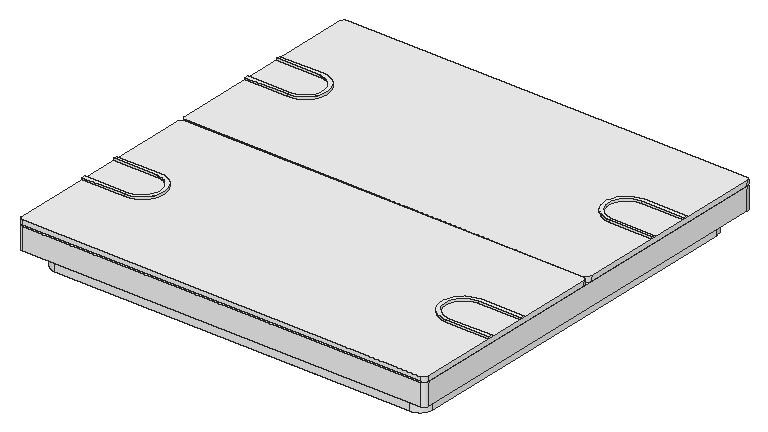
Revit family "Gira_5052003", category Electrical Fixtures, host Face, Revit 2017
Family settings
  Host = Face
  Maintain Annotation Orientation = No
  Round Connector Dimension = Use Diameter
  Part Type = Normal
  Cut with Voids When Loaded = No
  Shared = No
  Room Calculation Point = No
Parameters (values of type "PB sens.4 24 V 2-g TS4 white")
  With room temperature controller = no
  With label area = no
  With display = no
  With anti-theft/dismantling protection = yes
  With IR sensor = no
  White = White
  URL = "https://www.gira.de/"
  Type Comments = ""
  Transparent = no
  Surface protection = "Sonstige (*de-DE)"
  Radio frequent bidirectional = no
  Number of buttons = 2
  Number of actuation points = 4
  Model = ""
  Material quality = "Sonstige (*de-DE)"
  Material = "Sonstige (*de-DE)"
  Manufacturer = "Gira"
  Keynote = ""
  HeinzeBIM = "https://www.heinze.de/bim/pb-sens-4-24-v-2-g-ts4-white/71b06c6a005514fdeda5f39cf0873291120d8919"
  HAN = "5052003"
  GTIN = "4010337074946"
  Description = ""
  Default Elevation = 1219.2 mm
  Cost = 0
  Colour = "White"
  Bus connection included = no
  BIMSITE_PRODUCT_ID = "71b06c6a005514fdeda5f39cf0873291120d8919"
  BIM = "https://media.live.bim.site/t/eyJhbGciOiJIUzI1NiIsInR5cCI6IkpXVCJ9.eyJjdCI6MSwidGYiOiJwdWJsaWMvZ2lyYS8wOWY1ZGI1LzQwXzUwMDEwMCBUUzQgMmZhY2gucmZhIiwiY2lkIjoiZmVkOThlOWEtMWJkOC00YzY4LWE3M2ItNzRhOTRlMzE1ODIzIiwicmlkIjoiNDEwZWE5YzlkODA5ZjRiYTc2ZmYyODQyNDk3ZTEwNzQiLCJwaWQiOiI3MWIwNmM2YTAwNTUxNGZkZWRhNWYzOWNmMDg3MzI5MTEyMGQ4OTE5Iiwic2lkIjoiNjM0NzAiLCJ1dCI6NSwibGMiOiJlbiIsImlhdCI6MTYwNzQ0MTMwMSwiaXNzIjoiaHR0cHM6Ly9hcGkubGl2ZS5iaW0uc2l0ZSIsInN1YiI6IjhkM2FhNWNiLWUwNjYtNDU5OC1iZTE2LTZlMTZlZTc0OTU2YSJ9.Dul1gMW7wvAt7uQE3sviVE9w6PHPRF_YFyb2eub2L8s/40_500100 TS4 2fach.rfa"
  Assembly Code = ""
Reference planes
  plane 1 "Center (Front/Back)": y = 0
  plane 2: z = 0
  plane 3 "Center (Left/Right)": x = 0
Forms (mm)
  Extrusion 1, solid, material "White", detail levels fine
    sketch origin (0, 0, 0) x (1, 0, 0) y (0, 1, 0)
      loop
        line (25.45, 35.45) -> (-25.45, 35.45)
        arc (-25.45, 35.45) -> (-32.521, 32.521) -> (-35.45, 25.45) r 10
        line (-35.45, 25.45) -> (-35.45, -25.45)
        arc (-35.45, -25.45) -> (-32.521, -32.521) -> (-25.45, -35.45) r 10
        line (-25.45, -35.45) -> (25.45, -35.45)
        arc (25.45, -35.45) -> (32.521, -32.521) -> (35.45, -25.45) r 10
        line (35.45, -25.45) -> (35.45, 25.45)
        arc (35.45, 25.45) -> (32.521, 32.521) -> (25.45, 35.45) r 10
      loop
        arc (-31.325, 28.496) -> (-31.325, 25.668) -> (-28.496, 25.668) r 2
        line (-28.496, 25.668) -> (-25.668, 28.496)
        arc (-25.668, 28.496) -> (-25.668, 31.325) -> (-28.496, 31.325) r 2
        line (-28.496, 31.325) -> (-31.325, 28.496)
      loop
        arc (-28.496, -31.325) -> (-25.668, -31.325) -> (-25.668, -28.496) r 2
        line (-25.668, -28.496) -> (-28.496, -25.668)
        arc (-28.496, -25.668) -> (-31.325, -25.668) -> (-31.325, -28.496) r 2
        line (-31.325, -28.496) -> (-28.496, -31.325)
      loop
        line (31.325, 28.496) -> (28.496, 31.325)
        arc (28.496, 31.325) -> (25.668, 31.325) -> (25.668, 28.496) r 2
        line (25.668, 28.496) -> (28.496, 25.668)
        arc (28.496, 25.668) -> (31.325, 25.668) -> (31.325, 28.496) r 2
      loop
        line (28.496, -31.325) -> (31.325, -28.496)
        arc (31.325, -28.496) -> (31.325, -25.668) -> (28.496, -25.668) r 2
        line (28.496, -25.668) -> (25.668, -28.496)
        arc (25.668, -28.496) -> (25.668, -31.325) -> (28.496, -31.325) r 2
      loop
        line (-13.39, 22.831) -> (-22.831, 13.39) -> (-22.831, -13.39) -> (-13.39, -22.831) -> (13.39, -22.831) -> (22.831, -13.39) -> (22.831, 13.39) -> (13.39, 22.831) -> (-13.39, 22.831)
      loop
        arc (-1.681, 31.793) -> (-6.669, 29.581) -> (-1.417, 28.102) r 2.9
        arc (-1.417, 28.102) -> (2.178, 28.079) -> (5.741, 27.6) r 28.291
        arc (5.741, 27.6) -> (7.553, 29.282) -> (6.077, 31.265) r 1.851
        arc (6.077, 31.265) -> (2.215, 31.784) -> (-1.681, 31.793) r 29.64
      loop
        arc (1.681, -31.793) -> (6.669, -29.581) -> (1.417, -28.102) r 2.9
        arc (1.417, -28.102) -> (-2.178, -28.079) -> (-5.741, -27.6) r 28.291
        arc (-5.741, -27.6) -> (-7.553, -29.282) -> (-6.077, -31.265) r 1.851
        arc (-6.077, -31.265) -> (-2.215, -31.784) -> (1.681, -31.793) r 29.64
      loop
        arc (-31.793, -1.681) -> (-29.581, -6.669) -> (-28.102, -1.417) r 2.9
        arc (-28.102, -1.417) -> (-28.079, 2.178) -> (-27.6, 5.741) r 28.291
        arc (-27.6, 5.741) -> (-29.282, 7.553) -> (-31.265, 6.077) r 1.851
        arc (-31.265, 6.077) -> (-31.784, 2.215) -> (-31.793, -1.681) r 29.64
      loop
        arc (31.793, 1.681) -> (29.581, 6.669) -> (28.102, 1.417) r 2.9
        arc (28.102, 1.417) -> (28.079, -2.178) -> (27.6, -5.741) r 28.291
        arc (27.6, -5.741) -> (29.282, -7.553) -> (31.265, -6.077) r 1.851
        arc (31.265, -6.077) -> (31.784, -2.215) -> (31.793, 1.681) r 29.64
    from 0 to -1
  Extrusion 2, solid, material "White", detail levels medium+fine
    sketch origin (0, 0, 0) x (1, 0, 0) y (0, 1, 0)
      loop
        line (-22.831, 13.39) -> (-22.831, -13.39) -> (-13.39, -22.831) -> (13.39, -22.831) -> (22.831, -13.39) -> (22.831, 13.39) -> (13.39, 22.831) -> (-13.39, 22.831) -> (-22.831, 13.39)
    from 0 to -15.5
  Extrusion 3, solid, material "White", detail levels medium
    sketch origin (0, 0, 0) x (1, 0, 0) y (0, 1, 0)
      loop
        line (35.45, 35.45) -> (-35.45, 35.45) -> (-35.45, -35.45) -> (35.45, -35.45) -> (35.45, 35.45)
    from 0 to -1
  Extrusion 4, solid, material "White" <- "White", detail levels fine
    sketch origin (0, 0, 0) x (1, 0, 0) y (0, 1, 0)
      loop
        arc (-41.4, 44.4) -> (-43.521, 43.521) -> (-44.4, 41.4) r 3
        line (-44.4, 41.4) -> (-44.4, -41.4)
        arc (-44.4, -41.4) -> (-43.521, -43.521) -> (-41.4, -44.4) r 3
        line (-41.4, -44.4) -> (41.4, -44.4)
        arc (41.4, -44.4) -> (43.521, -43.521) -> (44.4, -41.4) r 3
        line (44.4, -41.4) -> (44.4, 41.4)
        arc (44.4, 41.4) -> (43.521, 43.521) -> (41.4, 44.4) r 3
        line (41.4, 44.4) -> (-41.4, 44.4)
      loop
        arc (-42.4, -41.4) -> (-42.107, -42.107) -> (-41.4, -42.4) r 1
        line (-41.4, -42.4) -> (41.4, -42.4)
        arc (41.4, -42.4) -> (42.107, -42.107) -> (42.4, -41.4) r 1
        line (42.4, -41.4) -> (42.4, 41.4)
        arc (42.4, 41.4) -> (42.107, 42.107) -> (41.4, 42.4) r 1
        line (41.4, 42.4) -> (-41.4, 42.4)
        arc (-41.4, 42.4) -> (-42.107, 42.107) -> (-42.4, 41.4) r 1
        line (-42.4, 41.4) -> (-42.4, -41.4)
    from 0 to 4
  Extrusion 5, solid, material "White" <- "White", detail levels medium
    sketch origin (0, 0, 0) x (1, 0, 0) y (0, 1, 0)
      loop
        line (-44.4, 44.4) -> (-44.4, -44.4) -> (44.4, -44.4) -> (44.4, 44.4) -> (-44.4, 44.4)
    from 0 to 4
  Extrusion 6, solid, material "White" <- "White", detail levels fine
    sketch origin (0, 0, 0) x (1, 0, 0) y (0, 1, 0)
      loop
        line (-46.5, -47.5) -> (46.5, -47.5)
        arc (46.5, -47.5) -> (47.207, -47.207) -> (47.5, -46.5) r 1
        line (47.5, -46.5) -> (47.5, 46.5)
        arc (47.5, 46.5) -> (47.207, 47.207) -> (46.5, 47.5) r 1
        line (46.5, 47.5) -> (-46.5, 47.5)
        arc (-46.5, 47.5) -> (-47.207, 47.207) -> (-47.5, 46.5) r 1
        line (-47.5, 46.5) -> (-47.5, -46.5)
        arc (-47.5, -46.5) -> (-47.207, -47.207) -> (-46.5, -47.5) r 1
    from 4 to 9
  Extrusion 7, solid, material "White" <- "White", detail levels medium
    sketch origin (0, 0, 0) x (1, 0, 0) y (0, 1, 0)
      loop
        line (-47.5, -47.5) -> (47.5, -47.5) -> (47.5, -0.2) -> (-47.5, -0.2) -> (-47.5, -47.5)
      loop
        line (47.5, 0.2) -> (47.5, 47.5) -> (-47.5, 47.5) -> (-47.5, 0.2) -> (47.5, 0.2)
    from 4 to 10.7
  Extrusion 8, solid, material "White" <- "White", detail levels fine
    sketch origin (0, 0, 0) x (1, 0, 0) y (0, 1, 0)
      loop
        line (-46.5, -47.5) -> (46.5, -47.5)
        arc (46.5, -47.5) -> (47.207, -47.207) -> (47.5, -46.5) r 1
        line (47.5, -46.5) -> (47.5, -1.2)
        arc (47.5, -1.2) -> (47.207, -0.493) -> (46.5, -0.2) r 1
        line (46.5, -0.2) -> (-46.5, -0.2)
        arc (-46.5, -0.2) -> (-47.207, -0.493) -> (-47.5, -1.2) r 1
        line (-47.5, -1.2) -> (-47.5, -46.5)
        arc (-47.5, -46.5) -> (-47.207, -47.207) -> (-46.5, -47.5) r 1
      loop
        line (47.5, 1.2) -> (47.5, 46.5)
        arc (47.5, 46.5) -> (47.207, 47.207) -> (46.5, 47.5) r 1
        line (46.5, 47.5) -> (-46.5, 47.5)
        arc (-46.5, 47.5) -> (-47.207, 47.207) -> (-47.5, 46.5) r 1
        line (-47.5, 46.5) -> (-47.5, 1.2)
        arc (-47.5, 1.2) -> (-47.207, 0.493) -> (-46.5, 0.2) r 1
        line (-46.5, 0.2) -> (46.5, 0.2)
        arc (46.5, 0.2) -> (47.207, 0.493) -> (47.5, 1.2) r 1
    from 9.3 to 10.3
  Extrusion 9, solid, material "White" <- "White", detail levels fine
    sketch origin (0, 0, 0) x (1, 0, 0) y (0, 1, 0)
      loop
        line (-37.5, 28.8) -> (-47.5, 28.8) -> (-47.5, 28) -> (-37.5, 28)
        arc (-37.5, 28) -> (-33.3, 23.8) -> (-37.5, 19.6) r 4.2
        line (-37.5, 19.6) -> (-47.5, 19.6) -> (-47.5, 18.8) -> (-37.5, 18.8)
        arc (-37.5, 18.8) -> (-32.5, 23.8) -> (-37.5, 28.8) r 5
      loop
        arc (37.5, 28.8) -> (32.5, 23.8) -> (37.5, 18.8) r 5
        line (37.5, 18.8) -> (47.5, 18.8) -> (47.5, 19.6) -> (37.5, 19.6)
        arc (37.5, 19.6) -> (33.3, 23.8) -> (37.5, 28) r 4.2
        line (37.5, 28) -> (47.5, 28) -> (47.5, 28.8) -> (37.5, 28.8)
      loop
        arc (-37.5, -28.8) -> (-32.5, -23.8) -> (-37.5, -18.8) r 5
        line (-37.5, -18.8) -> (-47.5, -18.8) -> (-47.5, -19.6) -> (-37.5, -19.6)
        arc (-37.5, -19.6) -> (-33.3, -23.8) -> (-37.5, -28) r 4.2
        line (-37.5, -28) -> (-47.5, -28) -> (-47.5, -28.8) -> (-37.5, -28.8)
      loop
        line (37.5, -28.8) -> (47.5, -28.8) -> (47.5, -28) -> (37.5, -28)
        arc (37.5, -28) -> (33.3, -23.8) -> (37.5, -19.6) r 4.2
        line (37.5, -19.6) -> (47.5, -19.6) -> (47.5, -18.8) -> (37.5, -18.8)
        arc (37.5, -18.8) -> (32.5, -23.8) -> (37.5, -28.8) r 5
    from 9.5 to 10.7
  Extrusion 10, solid, material "White" <- "White", detail levels coarse
    sketch origin (0, 0, 0) x (1, 0, 0) y (0, 1, 0)
      loop
        line (-47.5, -47.5) -> (47.5, -47.5) -> (47.5, 47.5) -> (-47.5, 47.5) -> (-47.5, -47.5)
    from -15.4 to 10.7
Lines and regions (mm)
  reference lines
    curve 1: line (0, 47.5, 0) -> (0, -47.5, 0)
    curve 2: line (-47.5, 0, 0) -> (47.5, 0, 0)
Dimensions and locks
  aligned and locked: plane 2 to host face
  aligned and locked: level to host face
Connectors
  electrical at (0, 0, -15.5)
    settings: on Extrusion 2, index 1, voltage 220 V, apparent load 0 VA, apparent load phase1 0 VA, apparent load phase2 0 VA, apparent load phase3 0 VA, power factor 1, load classification "Other", number of poles 1, system type 31, power factor state 1, is connector primary yes, connector utility no, sub classification motor no, connector description ""
